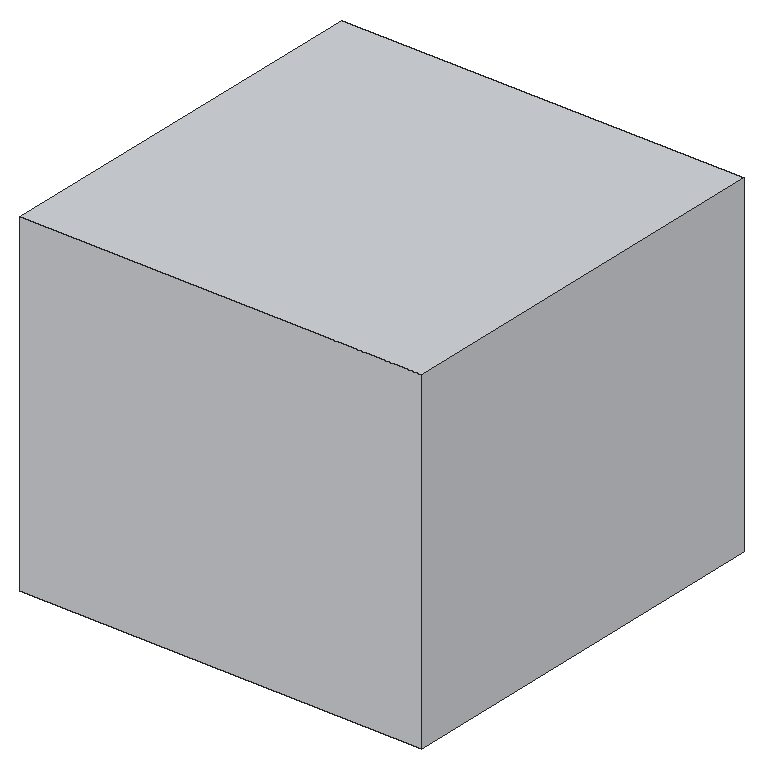
Revit family "2018_defaultFamily", category Generic Models, Revit 2018
Family settings
  Can host rebar = No
  Round Connector Dimension = Use Diameter
  Part Type = Normal
  Work Plane-Based = No
  Always vertical = Yes
  Cut with Voids When Loaded = No
  Shared = No
  Room Calculation Point = No
Reference planes
  plane 1 "Center (Front/Back)": y = 0
  plane 2: z = 0
  plane 3 "Center (Left/Right)": x = 0
Forms (mm)
  Extrusion 1, solid
    sketch origin (0, 0, 0) x (1, 0, 0) y (0, 1, 0)
      loop
        line (0, 0) -> (300, 0) -> (300, 300) -> (0, 300) -> (0, 0)
    from 0 to 250
Dimensions and locks
  aligned and locked: level to plane 2
